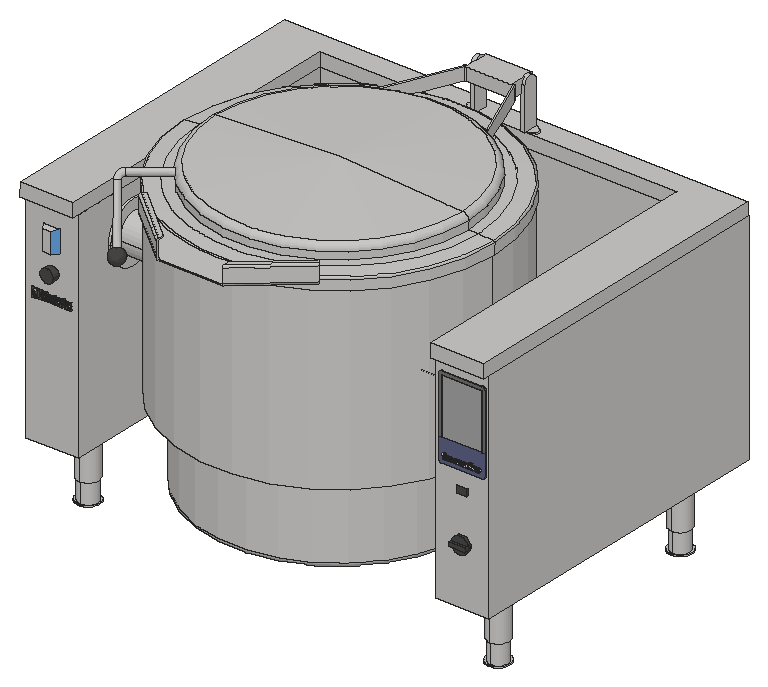
Revit family "QF_ELECTROLUXPROFESSIONAL_587106_PBOT20EDIO", category Attrezzature speciali, Revit 2020 (continued)
Definition of nested family "QF_ELECTROLUXPROFESSIONAL_PBOT1000_LEFT"
  Automatic sketch dimensions
    Extrusion 5 sketch curve to Extrusion 5 sketch curve = 2.918 mm
    Extrusion 5 sketch curve to Extrusion 5 sketch curve = 2.789 mm
    Extrusion 5 sketch curve to plane 9 "TOP" = 306.37 mm  (x2)
    Extrusion 5 sketch curve to Extrusion 5 sketch curve = 0.908 mm  (x2)
    Extrusion 5 sketch curve to plane 9 "TOP" = 306.755 mm  (x2)
    Extrusion 5 sketch curve to Extrusion 5 sketch curve = 0.826 mm  (x2)
    Extrusion 5 sketch curve to Extrusion 5 sketch curve = 0.126 mm  (x3)
    Extrusion 5 sketch curve to Extrusion 5 sketch curve = 2.333 mm
    Extrusion 5 sketch curve to Extrusion 5 sketch curve = 1.257 mm  (x2)
    Extrusion 5 sketch curve to Extrusion 5 sketch curve = 2.771 mm
    Extrusion 5 sketch curve to Extrusion 5 sketch curve = 1.497 mm
    Extrusion 5 sketch curve to Extrusion 5 sketch curve = 1.979 mm
    Extrusion 5 sketch curve to Extrusion 5 sketch curve = 1.653 mm
    Extrusion 5 sketch curve to Extrusion 5 sketch curve = 0.085 mm
    Extrusion 5 sketch curve to Extrusion 5 sketch curve = 0.315 mm
    Extrusion 5 sketch curve to Extrusion 5 sketch curve = 3.811 mm
    Extrusion 5 sketch curve to Extrusion 5 sketch curve = 2.136 mm  (x2)
    Extrusion 5 sketch curve to Extrusion 5 sketch curve = 2.352 mm  (x2)
    Extrusion 5 sketch curve to plane 9 "TOP" = 289.122 mm
    Extrusion 5 sketch curve to Extrusion 5 sketch curve = 3.797 mm
    Extrusion 5 sketch curve to plane 9 "TOP" = 296.104 mm
    Extrusion 5 sketch curve to Extrusion 5 sketch curve = 1.528 mm
    Extrusion 5 sketch curve to plane 9 "TOP" = 290.598 mm
    Extrusion 5 sketch curve to Extrusion 5 sketch curve = 1.476 mm
    Extrusion 5 sketch curve to plane 9 "TOP" = 294.635 mm
    Extrusion 5 sketch curve to Extrusion 5 sketch curve = 1.469 mm
    Extrusion 5 sketch curve to Extrusion 5 sketch curve = 3.728 mm
    Extrusion 5 sketch curve to Extrusion 5 sketch curve = 0.046 mm
    Extrusion 5 sketch curve to Extrusion 5 sketch curve = 0.177 mm
    Extrusion 5 sketch curve to Extrusion 5 sketch curve = 0.947 mm
    Extrusion 5 sketch curve to Extrusion 5 sketch curve = 0.308 mm
    Extrusion 5 sketch curve to Extrusion 5 sketch curve = 0.091 mm
    Extrusion 5 sketch curve to Extrusion 5 sketch curve = 2.375 mm
    Extrusion 5 sketch curve to Extrusion 5 sketch curve = 0.94 mm
    Extrusion 5 sketch curve to Extrusion 5 sketch curve = 0.54 mm
    Extrusion 5 sketch curve to Extrusion 5 sketch curve = 0.102 mm
    Extrusion 5 sketch curve to Extrusion 5 sketch curve = 0.002 mm  (x4)
    Extrusion 5 sketch curve to Extrusion 5 sketch curve = 0.105 mm
    Extrusion 5 sketch curve to Extrusion 5 sketch curve = 0.097 mm
    Extrusion 5 sketch curve to Extrusion 5 sketch curve = 3.982 mm
    Extrusion 5 sketch curve to Extrusion 5 sketch curve = 0.17 mm
    Extrusion 5 sketch curve to Extrusion 5 sketch curve = 6.49 mm
    Extrusion 5 sketch curve to Extrusion 5 sketch curve = 1.777 mm
    Extrusion 5 sketch curve to plane 9 "TOP" = 296.072 mm
    Extrusion 5 sketch curve to Extrusion 5 sketch curve = 0.63 mm
    Extrusion 5 sketch curve to Extrusion 5 sketch curve = 1.001 mm
    Extrusion 5 sketch curve to plane 9 "TOP" = 294.678 mm
    Extrusion 5 sketch curve to Extrusion 5 sketch curve = 1.393 mm
    Extrusion 5 sketch curve to Extrusion 5 sketch curve = 2.363 mm
    Extrusion 5 sketch curve to Extrusion 5 sketch curve = 2.253 mm
    Extrusion 5 sketch curve to Extrusion 5 sketch curve = 0.014 mm  (x4)
    Extrusion 5 sketch curve to Extrusion 5 sketch curve = 0.172 mm
    Extrusion 5 sketch curve to Extrusion 5 sketch curve = 0.096 mm
    Extrusion 5 sketch curve to Extrusion 5 sketch curve = 0.164 mm
    Extrusion 5 sketch curve to Extrusion 5 sketch curve = 0.298 mm
    Extrusion 5 sketch curve to Extrusion 5 sketch curve = 0.247 mm
    Extrusion 5 sketch curve to Extrusion 5 sketch curve = 0.084 mm
    Extrusion 5 sketch curve to Extrusion 5 sketch curve = 6.484 mm
    Extrusion 5 sketch curve to Extrusion 5 sketch curve = 2.596 mm
    Extrusion 5 sketch curve to Extrusion 5 sketch curve = 0.059 mm  (x2)
    Extrusion 5 sketch curve to Extrusion 5 sketch curve = 3.889 mm
    Extrusion 5 sketch curve to plane 9 "TOP" = 307.979 mm
    Extrusion 5 sketch curve to Extrusion 5 sketch curve = 6.029 mm
    Extrusion 5 sketch curve to plane 9 "TOP" = 305.988 mm
    Extrusion 5 sketch curve to Extrusion 5 sketch curve = 0.929 mm
    Extrusion 5 sketch curve to Extrusion 5 sketch curve = 1.102 mm
    Extrusion 5 sketch curve to Extrusion 5 sketch curve = 0.756 mm  (x2)
    Extrusion 5 sketch curve to plane 9 "TOP" = 306.353 mm
    Extrusion 5 sketch curve to Extrusion 5 sketch curve = 0.852 mm
    Extrusion 5 sketch curve to Extrusion 5 sketch curve = 0.108 mm
    Extrusion 5 sketch curve to Extrusion 5 sketch curve = 0.101 mm
    Extrusion 5 sketch curve to Extrusion 5 sketch curve = 0.072 mm
    Extrusion 5 sketch curve to Extrusion 5 sketch curve = 1.67 mm
    Extrusion 5 sketch curve to Extrusion 5 sketch curve = 1.834 mm
    Extrusion 5 sketch curve to Extrusion 5 sketch curve = 0.366 mm
    Extrusion 5 sketch curve to Extrusion 5 sketch curve = 0.993 mm
    Extrusion 5 sketch curve to Extrusion 5 sketch curve = 0.81 mm
    Extrusion 5 sketch curve to Extrusion 5 sketch curve = 1.026 mm  (x2)
    Extrusion 5 sketch curve to Extrusion 5 sketch curve = 4.272 mm
    Extrusion 5 sketch curve to Extrusion 5 sketch curve = 0.163 mm
    Extrusion 5 sketch curve to Extrusion 5 sketch curve = 0.551 mm
    Extrusion 5 sketch curve to Extrusion 5 sketch curve = 6.11 mm
    Extrusion 5 sketch curve to Extrusion 5 sketch curve = 1.451 mm
    Extrusion 5 sketch curve to Extrusion 5 sketch curve = 5.217 mm
    Extrusion 5 sketch curve to Extrusion 5 sketch curve = 0.045 mm  (x2)
    Extrusion 5 sketch curve to Extrusion 5 sketch curve = 0.241 mm
    Extrusion 5 sketch curve to Extrusion 5 sketch curve = 0.039 mm
    Extrusion 5 sketch curve to Extrusion 5 sketch curve = 1.134 mm
    Extrusion 5 sketch curve to Extrusion 5 sketch curve = 2.351 mm
    Extrusion 5 sketch curve to Extrusion 5 sketch curve = 3.993 mm
    Extrusion 5 sketch curve to Extrusion 5 sketch curve = 10.128 mm
    Extrusion 5 sketch curve to Extrusion 5 sketch curve = 0.956 mm
    Extrusion 5 sketch curve to Extrusion 5 sketch curve = 1.263 mm
    Extrusion 5 sketch curve to Extrusion 5 sketch curve = 2.577 mm
    Extrusion 5 sketch curve to Extrusion 5 sketch curve = 0.243 mm
    Extrusion 5 sketch curve to Extrusion 5 sketch curve = 0.031 mm
    Extrusion 5 sketch curve to Extrusion 5 sketch curve = 7.148 mm
    Extrusion 5 sketch curve to Extrusion 5 sketch curve = 1.502 mm
    Extrusion 5 sketch curve to Extrusion 5 sketch curve = 11.54 mm
    Extrusion 5 sketch curve to Extrusion 5 sketch curve = 11.758 mm
    Extrusion 5 sketch curve to Extrusion 5 sketch curve = 4.097 mm
    Extrusion 5 sketch curve to Extrusion 5 sketch curve = 0.011 mm
    Extrusion 5 sketch curve to Extrusion 5 sketch curve = 4.488 mm
    Extrusion 5 sketch curve to Extrusion 5 sketch curve = 11.908 mm
    Extrusion 5 sketch curve to Extrusion 5 sketch curve = 2.236 mm
    Extrusion 5 sketch curve to Extrusion 5 sketch curve = 0.22 mm
    Extrusion 5 sketch curve to Extrusion 5 sketch curve = 0.319 mm
    Extrusion 5 sketch curve to Extrusion 5 sketch curve = 1.192 mm
    Extrusion 5 sketch curve to Extrusion 5 sketch curve = 3.577 mm  (x2)
    Extrusion 5 sketch curve to Extrusion 5 sketch curve = 3.444 mm  (x2)
    Extrusion 5 sketch curve to Extrusion 5 sketch curve = 1.626 mm  (x2)
    Extrusion 5 sketch curve to Extrusion 5 sketch curve = 2.021 mm
    Extrusion 5 sketch curve to Extrusion 5 sketch curve = 2.967 mm
    Extrusion 5 sketch curve to Extrusion 5 sketch curve = 1.22 mm
    Extrusion 5 sketch curve to Extrusion 5 sketch curve = 3.412 mm
    Extrusion 5 sketch curve to Extrusion 5 sketch curve = 0.892 mm  (x3)
    Extrusion 5 sketch curve to Extrusion 5 sketch curve = 0.58 mm  (x2)
    Extrusion 5 sketch curve to Extrusion 5 sketch curve = 2.117 mm
    Extrusion 5 sketch curve to Extrusion 5 sketch curve = 0.295 mm  (x2)
    Extrusion 5 sketch curve to Extrusion 5 sketch curve = 0.618 mm
    Extrusion 5 sketch curve to Extrusion 5 sketch curve = 1.65 mm
    Extrusion 5 sketch curve to Extrusion 5 sketch curve = 1.662 mm
    Extrusion 5 sketch curve to Extrusion 5 sketch curve = 0.013 mm  (x2)
    Extrusion 5 sketch curve to Extrusion 5 sketch curve = 0.292 mm
    Extrusion 5 sketch curve to Extrusion 5 sketch curve = 0.107 mm  (x2)
    Extrusion 5 sketch curve to Extrusion 5 sketch curve = 0.068 mm  (x2)
    Extrusion 5 sketch curve to Extrusion 5 sketch curve = 2.361 mm
    Extrusion 5 sketch curve to Extrusion 5 sketch curve = 2.359 mm
    Extrusion 5 sketch curve to Extrusion 5 sketch curve = 0.531 mm  (x2)
    Extrusion 5 sketch curve to Extrusion 5 sketch curve = 0.928 mm  (x2)
    Extrusion 5 sketch curve to Extrusion 5 sketch curve = 1.058 mm
    Extrusion 5 sketch curve to Extrusion 5 sketch curve = 0.297 mm  (x2)
    Extrusion 5 sketch curve to Extrusion 5 sketch curve = 0.155 mm  (x2)
    Extrusion 5 sketch curve to Extrusion 5 sketch curve = 0.182 mm  (x2)
    Extrusion 5 sketch curve to Extrusion 5 sketch curve = 0.607 mm  (x2)
    Extrusion 5 sketch curve to Extrusion 5 sketch curve = 0.372 mm  (x2)
    Extrusion 5 sketch curve to Extrusion 5 sketch curve = 0.016 mm  (x2)
    Extrusion 5 sketch curve to Extrusion 5 sketch curve = 0.996 mm
    Extrusion 5 sketch curve to Extrusion 5 sketch curve = 0.93 mm
    Extrusion 5 sketch curve to Extrusion 5 sketch curve = 0.709 mm  (x2)
    Extrusion 5 sketch curve to Extrusion 5 sketch curve = 1.017 mm
    Extrusion 5 sketch curve to Extrusion 5 sketch curve = 4.718 mm
    Extrusion 5 sketch curve to Extrusion 5 sketch curve = 0.891 mm
    Extrusion 5 sketch curve to Extrusion 5 sketch curve = 3.826 mm
    Extrusion 5 sketch curve to Extrusion 5 sketch curve = 0.954 mm
    Extrusion 5 sketch curve to Extrusion 5 sketch curve = 5.576 mm
    Extrusion 5 sketch curve to Extrusion 5 sketch curve = 5.661 mm  (x2)
    Extrusion 5 sketch curve to Extrusion 5 sketch curve = 0.006 mm
    Extrusion 5 sketch curve to Extrusion 5 sketch curve = 2.203 mm
    Extrusion 5 sketch curve to Extrusion 5 sketch curve = 2.21 mm
    Extrusion 5 sketch curve to Extrusion 5 sketch curve = 1.607 mm
    Extrusion 5 sketch curve to Extrusion 5 sketch curve = 3.92 mm
    Extrusion 5 sketch curve to Extrusion 5 sketch curve = 0.05 mm
    Extrusion 5 sketch curve to Extrusion 5 sketch curve = 1.776 mm
    Extrusion 5 sketch curve to Extrusion 5 sketch curve = 4.017 mm
    Extrusion 5 sketch curve to Extrusion 5 sketch curve = 0.196 mm  (x2)
    Extrusion 5 sketch curve to Extrusion 5 sketch curve = 0.19 mm
    Extrusion 5 sketch curve to Extrusion 5 sketch curve = 1.312 mm
    Extrusion 5 sketch curve to Extrusion 5 sketch curve = 0.146 mm
    Extrusion 5 sketch curve to Extrusion 5 sketch curve = 2.831 mm
    Extrusion 5 sketch curve to Extrusion 5 sketch curve = 0.387 mm
    Extrusion 5 sketch curve to Extrusion 5 sketch curve = 0.174 mm
    Extrusion 5 sketch curve to Extrusion 5 sketch curve = 4.623 mm
    Extrusion 5 sketch curve to Extrusion 5 sketch curve = 1.754 mm
    Extrusion 5 sketch curve to Extrusion 5 sketch curve = 0.188 mm
    Extrusion 5 sketch curve to Extrusion 5 sketch curve = 0.02 mm
    Extrusion 5 sketch curve to Extrusion 5 sketch curve = 0.313 mm
    Extrusion 5 sketch curve to Extrusion 5 sketch curve = 0.12 mm
    Extrusion 5 sketch curve to Extrusion 5 sketch curve = 0.062 mm
    Extrusion 5 sketch curve to Extrusion 5 sketch curve = 0.568 mm
    Extrusion 5 sketch curve to Extrusion 5 sketch curve = 0.095 mm
    Extrusion 5 sketch curve to Extrusion 5 sketch curve = 0.357 mm
    Extrusion 5 sketch curve to Extrusion 5 sketch curve = 0.008 mm
    Extrusion 5 sketch curve to Extrusion 5 sketch curve = 0.36 mm
    Extrusion 5 sketch curve to Extrusion 5 sketch curve = 3.784 mm
    Extrusion 5 sketch curve to Extrusion 5 sketch curve = 1.654 mm
    Extrusion 5 sketch curve to Extrusion 5 sketch curve = 1.454 mm
    Extrusion 5 sketch curve to Extrusion 5 sketch curve = 3.429 mm
    Extrusion 5 sketch curve to Extrusion 5 sketch curve = 1.094 mm
    Extrusion 5 sketch curve to Extrusion 5 sketch curve = 2.218 mm
    Extrusion 5 sketch curve to Extrusion 5 sketch curve = 1.404 mm
    Extrusion 5 sketch curve to Extrusion 5 sketch curve = 5.959 mm
    Extrusion 5 sketch curve to Extrusion 5 sketch curve = 1.424 mm
    Extrusion 5 sketch curve to Extrusion 5 sketch curve = 3.23 mm
    Extrusion 5 sketch curve to Extrusion 5 sketch curve = 1.975 mm
    Extrusion 5 sketch curve to Extrusion 5 sketch curve = 3.779 mm
    Extrusion 5 sketch curve to Extrusion 5 sketch curve = 2.212 mm
    Extrusion 5 sketch curve to Extrusion 5 sketch curve = 3.78 mm
    Extrusion 5 sketch curve to Extrusion 5 sketch curve = 1.279 mm
    Extrusion 5 sketch curve to Extrusion 5 sketch curve = 1.343 mm  (x2)
    Extrusion 5 sketch curve to Extrusion 5 sketch curve = 1.353 mm  (x2)
    Extrusion 5 sketch curve to Extrusion 5 sketch curve = 0.027 mm  (x2)
    Extrusion 5 sketch curve to Extrusion 5 sketch curve = 0.395 mm  (x2)
    Extrusion 5 sketch curve to Extrusion 5 sketch curve = 0.329 mm  (x2)
    Extrusion 5 sketch curve to Extrusion 5 sketch curve = 0.425 mm  (x2)
    Extrusion 5 sketch curve to Extrusion 5 sketch curve = 0.051 mm  (x2)
    Extrusion 5 sketch curve to Extrusion 5 sketch curve = 0.495 mm  (x2)
    Extrusion 5 sketch curve to Extrusion 5 sketch curve = 0.267 mm  (x2)
    Extrusion 5 sketch curve to Extrusion 5 sketch curve = 1.4 mm
    Extrusion 5 sketch curve to Extrusion 5 sketch curve = 5.233 mm
    Extrusion 5 sketch curve to Extrusion 5 sketch curve = 2.062 mm
    Extrusion 6 sketch curve to plane 12 "HW_CW" = 0.0 mm  (x2)
    Extrusion 6 sketch curve to plane 14 = 0.0 mm
    Extrusion 6 sketch curve to plane 13 = 0.0 mm
    radius of Extrusion 2 sketch curve = 20.0 mm
    radius of Extrusion 3 sketch curve = 6.35 mm  (x2)
    radius of Extrusion 5 sketch curve = 2.453 mm
    radius of Extrusion 5 sketch curve = 1.557 mm
    radius of Extrusion 5 sketch curve = 1.468 mm
    radius of Extrusion 5 sketch curve = 2.451 mm
    radius of Extrusion 6 sketch curve = 5.0 mm  (x2)
Definition of nested family "QF_ELECTROLUXPROFESSIONAL_PBOT1000_RIGHT"
  Parameters
    Width = 160.0 mm
    Right = Width / 2  # 80.0 mm
    Default Elevation = 0.0 mm
    Left = -Width / 2  # -80.0 mm
    Htop = 40.0 mm
    Height = 900.0 mm
    HBase = 200.0 mm
    EI_z = 250.0 mm
    EI_y = 239.0 mm
    Depth = 1000.0 mm
    BorderFront = 20.0 mm
    Body Finish [instance] = none
  Reference planes
    plane 1 "Center (Front/Back)": y = 0
    plane 2: z = 0
    plane 3 "Center (Left/Right)": x = 0
    plane 4 "LEFT": x = -80
    plane 5 "RIGHT": x = 80
    plane 6 "BACK": y = 500
    plane 7 "FRONT": y = -500
    plane 8 "Base": z = 200
    plane 9 "TOP": z = 900
    plane 10 "BorderFront": y = -480
    plane 11: z = 860
    plane 12 "EI": z = 450
    plane 13: y = 261
  Forms (mm)
    Extrusion 1, solid
      sketch origin (0, 0, 0) x (1, 0, 0) y (0, 1, 0)
        loop
          line (-80, 500) -> (-80, -480) -> (80, -480) -> (80, 500) -> (-80, 500)
      from 860 to 200
    Extrusion 2, solid
      sketch origin (0, -480, 0) x (-1, 0, 0) y (0, 0, 1)
        loop
          line (59.714, 823.989) -> (-61.821, 823.989)
          arc (-61.821, 823.989) -> (-68.892, 821.06) -> (-71.821, 813.989) r 10
          line (-71.821, 813.989) -> (-71.821, 644.744) -> (-61.821, 644.744) -> (-61.821, 813.989) -> (59.714, 813.989) -> (59.714, 644.744) -> (69.714, 644.744) -> (69.714, 813.989)
          arc (69.714, 813.989) -> (66.786, 821.06) -> (59.714, 823.989) r 10
      from 0 to -3
    Extrusion 3, solid
      sketch origin (0, -480, 0) x (-1, 0, 0) y (0, 0, 1)
        loop
          circle (0, 375.28) r 25
      from 0 to -10
    Extrusion 4, solid
      sketch origin (0, -480, 0) x (-1, 0, 0) y (0, 0, 1)
        loop
          line (24.382, 380.806) -> (-24.382, 380.806)
          arc (-24.382, 380.806) -> (-25, 375.28) -> (-24.382, 369.753) r 25
          line (-24.382, 369.753) -> (24.382, 369.753)
          arc (24.382, 369.753) -> (25, 375.28) -> (24.382, 380.806) r 25
      from 0 to -20
    Extrusion 5, solid
      sketch origin (0, -480, 0) x (-1, 0, 0) y (0, 0, 1)
        loop
          line (69.714, 585) -> (69.714, 644.744) -> (-71.821, 644.744) -> (-71.821, 585)
          arc (-71.821, 585) -> (-68.892, 577.929) -> (-61.821, 575) r 10
          line (-61.821, 575) -> (59.714, 575)
          arc (59.714, 575) -> (66.786, 577.929) -> (69.714, 585) r 10
      from -3 to 0
    Extrusion 6, solid
      sketch origin (234.714, -480, 0) x (-1, 0, 0) y (0, 0, 1)
        loop
          line (294.429, 813.989) -> (172.894, 813.989) -> (172.894, 644.744) -> (294.429, 644.744) -> (294.429, 813.989)
      from 0 to -3
    Extrusion 7, solid
      sketch origin (0, -480, 0) x (-1, 0, 0) y (0, 0, 1)
        loop
          line (15, 530) -> (-15, 530) -> (-15, 510) -> (15, 510) -> (15, 530)
      from -1.6 to 0
    Extrusion 8, solid
      sketch origin (0, 500, 0) x (-1, 0, 0) y (0, 0, 1)
        loop
          circle (0, 450) r 5
      from 0 to 2
    Extrusion 9, solid
      sketch origin (0, 0, 200) x (0, 1, 0) y (-1, 0, 0)
        loop
          circle (261, 0) r 10
      from 0 to -3
  Lines and regions (mm)
    symbolic lines
      curve 1: line (-80, 500, 0) -> (80, 500, 0)
      curve 2: line (80, 500, 0) -> (80, -480, 0)
  Dimensions and locks
    "Width": plane 4 "LEFT" to plane 5 "RIGHT"
    equal spacing: plane 4 "LEFT", plane 3 "Center (Left/Right)", plane 5 "RIGHT"
    equal spacing: plane 6 "BACK", plane 1 "Center (Front/Back)", plane 7 "FRONT"
    "Depth": plane 6 "BACK" to plane 7 "FRONT"
    "BorderFront": plane 10 "BorderFront" to plane 7 "FRONT"
    "Htop": plane 9 "TOP" to plane 11
    "Height": plane 9 "TOP" to level
    "HBase": plane 8 "Base" to level
    Extrusion 4 sketch curve to Extrusion 4 sketch curve = 11.053 mm
    "EI_y": plane 6 "BACK" to plane 13
    "EI_z": plane 12 "EI" to plane 8 "Base"
    aligned and locked: level to plane 2
    aligned and locked: plane 10 "BorderFront" to Extrusion 1 sketch curve
    aligned and locked: plane 11 to Extrusion 1
    aligned and locked: Extrusion 1 to plane 8 "Base"
    aligned and locked: plane 4 "LEFT" to Extrusion 1 sketch curve
    aligned and locked: Extrusion 1 sketch curve to plane 5 "RIGHT"
    aligned and locked: Extrusion 1 sketch curve to plane 6 "BACK"
  Automatic sketch dimensions
    Extrusion 3 sketch curve to plane 3 "Center (Left/Right)" = 0.0 mm
    plane 8 "Base" to Extrusion 3 sketch curve = 175.28 mm
    Extrusion 4 sketch curve to Extrusion 4 sketch curve = 0.0 mm  (x3)
    Extrusion 4 sketch curve to plane 3 "Center (Left/Right)" = 0.0 mm
    plane 3 "Center (Left/Right)" to Extrusion 4 sketch curve = 24.382 mm
    Extrusion 4 sketch curve to plane 3 "Center (Left/Right)" = 24.382 mm
    plane 8 "Base" to Extrusion 4 sketch curve = 169.753 mm
    Extrusion 2 sketch curve to plane 5 "RIGHT" = 8.179 mm
    Extrusion 2 sketch curve to Extrusion 2 sketch curve = 10.0 mm  (x2)
    Extrusion 2 sketch curve to Extrusion 2 sketch curve = 0.0 mm  (x4)
    plane 4 "LEFT" to Extrusion 2 sketch curve = 20.286 mm
    Extrusion 2 sketch curve to plane 11 = 215.256 mm
    Extrusion 2 sketch curve to plane 11 = 46.011 mm
    Extrusion 5 sketch curve to plane 5 "RIGHT" = 8.179 mm
    plane 4 "LEFT" to Extrusion 5 sketch curve = 20.286 mm
    plane 4 "LEFT" to Extrusion 5 sketch curve = 10.286 mm
    Extrusion 5 sketch curve to plane 11 = 285.0 mm
    Extrusion 5 sketch curve to Extrusion 5 sketch curve = 59.744 mm
    Extrusion 5 sketch curve to Extrusion 5 sketch curve = 10.0 mm
    plane 4 "LEFT" to Extrusion 6 sketch curve = 20.286 mm
    Extrusion 6 sketch curve to plane 11 = 46.011 mm
    Extrusion 6 sketch curve to plane 5 "RIGHT" = 18.179 mm
    Extrusion 6 sketch curve to Extrusion 6 sketch curve = 169.244 mm
    Extrusion 8 sketch curve to plane 3 "Center (Left/Right)" = 0.0 mm
    Extrusion 8 sketch curve to plane 12 "EI" = 0.0 mm
    curve 1 to plane 4 "LEFT" = 0.0 mm
    curve 1 to plane 5 "RIGHT" = 0.0 mm
    curve 2 to plane 10 "BorderFront" = 0.0 mm
    curve 1 to plane 6 "BACK" = 0.0 mm
    plane 3 "Center (Left/Right)" to Extrusion 7 sketch curve = 15.0 mm
    Extrusion 7 sketch curve to plane 3 "Center (Left/Right)" = 15.0 mm
    plane 12 "EI" to Extrusion 7 sketch curve = 60.0 mm
    Extrusion 7 sketch curve to Extrusion 7 sketch curve = 20.0 mm
    Extrusion 9 sketch curve to plane 3 "Center (Left/Right)" = 0.0 mm
    Extrusion 9 sketch curve to plane 13 = 0.0 mm
    radius of Extrusion 3 sketch curve = 25.0 mm
    radius of Extrusion 8 sketch curve = 5.0 mm
    radius of Extrusion 9 sketch curve = 10.0 mm
  Nested families
    nested 1: "ELX_ThermaLine" at (-0.906, -483, 593.675) x (1, 0, 0) z (0, -1, 0), type "ELX_ThermaLine"
      with Show Logo yes, Material_Logo none
  Definition of nested family "ELX_ThermaLine"
    Parameters
      Show Logo [instance] = yes
      Material_Logo [instance] = none
      Default Elevation = 0.0 mm
    Reference planes
      plane 1 "Centro (Fronte/Retro)": y = 0
      plane 2: z = 0
      plane 3 "Centro (Sinistra/Destra)": x = 0
    Forms (mm)
      Extrusion 1, solid
        sketch origin (0, 0, 0) x (1, 0, 0) y (0, 1, 0)
          loop
            line (-1219.2, 1219.2) -> (-1219.2, -1219.2) -> (1219.2, -1219.2) -> (1219.2, 1219.2) -> (-1219.2, 1219.2)
        from 0 to -304.8
      Extrusion 2, solid
        sketch origin (0, 0, 0) x (1, 0, 0) y (0, 1, 0)
          loop
            line (-52.84, 4.345) -> (-50.793, 4.345) -> (-50.793, 6.716) -> (-52.84, 6.716) -> (-52.84, 10.788) -> (-55.901, 9.058) -> (-55.901, 6.716) -> (-57.324, 6.716) -> (-57.324, 4.345) -> (-55.901, 4.345) -> (-55.901, -1.637)
            arc (-55.901, -1.637) -> (-54.76, -4.355) -> (-51.88, -4.985) r 3.198
            line (-51.88, -4.985) -> (-50.444, -4.597) -> (-50.782, -2.189) -> (-51.765, -2.453)
            arc (-51.765, -2.453) -> (-52.506, -2.305) -> (-52.84, -1.628) r 0.854
            line (-52.84, -1.628) -> (-52.84, 4.345)
          loop
            line (-48.642, 11.198) -> (-48.642, -4.787) -> (-45.561, -4.787) -> (-45.561, 2.659)
            arc (-45.561, 2.659) -> (-44.379, 4.372) -> (-42.304, 4.523) r 2.408
            arc (-42.304, 4.523) -> (-41.484, 3.75) -> (-41.182, 2.665) r 2.099
            line (-41.182, 2.665) -> (-41.182, -4.787) -> (-38.117, -4.787) -> (-38.088, 2.166)
            arc (-38.088, 2.166) -> (-38.343, 3.963) -> (-39.021, 5.646) r 7.517
            arc (-39.021, 5.646) -> (-42.369, 6.971) -> (-45.561, 5.303) r 4.327
            line (-45.561, 5.303) -> (-45.561, 11.198) -> (-48.642, 11.198)
          loop
            arc (-28.196, 1.988) -> (-28.834, 3.893) -> (-30.683, 4.679) r 2.449
            arc (-30.683, 4.679) -> (-32.149, 3.674) -> (-32.711, 1.988) r 2.793
            line (-32.711, 1.988) -> (-28.196, 1.988)
          loop
            arc (-25.128, 0.121) -> (-26.074, 4.342) -> (-29.545, 6.923) r 6.212
            arc (-29.545, 6.923) -> (-33.021, 6.358) -> (-35.352, 3.718) r 5.232
            arc (-35.352, 3.718) -> (-35.918, 1.148) -> (-35.633, -1.468) r 8.117
            arc (-35.633, -1.468) -> (-34.524, -3.319) -> (-32.789, -4.603) r 5.523
            arc (-32.789, -4.603) -> (-28.402, -4.744) -> (-25.297, -1.641) r 5.523
            line (-25.297, -1.641) -> (-28.327, -1.106)
            arc (-28.327, -1.106) -> (-29.324, -2.396) -> (-30.951, -2.501) r 1.982
            arc (-30.951, -2.501) -> (-32.276, -1.475) -> (-32.789, 0.121) r 2.835
            line (-32.789, 0.121) -> (-25.128, 0.121)
          loop
            line (-22.733, -4.787) -> (-19.705, -4.787) -> (-19.705, 0)
            arc (-19.705, 0) -> (-19.663, 1.267) -> (-19.469, 2.521) r 10.557
            arc (-19.469, 2.521) -> (-18.189, 4.014) -> (-16.237, 3.761) r 2.069
            line (-16.237, 3.761) -> (-15.318, 6.433)
            arc (-15.318, 6.433) -> (-17.915, 6.783) -> (-19.931, 5.11) r 3.262
            line (-19.931, 5.11) -> (-19.931, 6.752) -> (-22.733, 6.752) -> (-22.733, -4.787)
          loop
            line (-14.233, 6.752) -> (-14.233, -4.787) -> (-11.135, -4.787) -> (-11.135, 1.783)
            arc (-11.135, 1.783) -> (-10.552, 3.635) -> (-8.862, 4.59) r 2.646
            arc (-8.862, 4.59) -> (-7.677, 3.931) -> (-7.234, 2.65) r 1.899
            line (-7.234, 2.65) -> (-7.234, -4.787) -> (-4.155, -4.787) -> (-4.155, 1.467)
            arc (-4.155, 1.467) -> (-3.845, 2.923) -> (-2.97, 4.128) r 3.581
            arc (-2.97, 4.128) -> (-1.581, 4.474) -> (-0.516, 3.516) r 1.525
            arc (-0.516, 3.516) -> (-0.324, 2.735) -> (-0.304, 1.931) r 3.735
            line (-0.304, 1.931) -> (-0.304, -4.787) -> (2.776, -4.787) -> (2.776, 3.096)
            arc (2.776, 3.096) -> (1.833, 5.68) -> (-0.612, 6.942) r 3.784
            arc (-0.612, 6.942) -> (-2.795, 6.596) -> (-4.513, 5.205) r 4.271
            arc (-4.513, 5.205) -> (-5.893, 6.457) -> (-7.686, 6.964) r 4.079
            arc (-7.686, 6.964) -> (-9.75, 6.555) -> (-11.39, 5.237) r 4.412
            line (-11.39, 5.237) -> (-11.39, 6.752) -> (-14.233, 6.752)
          loop
            line (5.334, 3.712) -> (8.069, 3.23)
            arc (8.069, 3.23) -> (10.312, 4.685) -> (12.137, 2.73) r 2.082
            line (12.137, 2.73) -> (8.171, 1.741)
            arc (8.171, 1.741) -> (6.593, 1.022) -> (5.378, -0.215) r 4.758
            arc (5.378, -0.215) -> (5.225, -1.991) -> (5.744, -3.697) r 4.711
            arc (5.744, -3.697) -> (7.301, -4.682) -> (9.118, -4.992) r 4.691
            arc (9.118, -4.992) -> (10.903, -4.593) -> (12.411, -3.558) r 4.818
            line (12.411, -3.558) -> (12.81, -4.787) -> (15.873, -4.787) -> (15.179, -2.652) -> (15.179, 3.25)
            arc (15.179, 3.25) -> (14.773, 5.146) -> (13.38, 6.496) r 3.336
            arc (13.38, 6.496) -> (10.765, 7.201) -> (8.091, 6.773) r 6.459
            arc (8.091, 6.773) -> (6.348, 5.57) -> (5.334, 3.712) r 4.569
          loop
            line (21.001, -4.787) -> (24.24, -4.787) -> (27.623, 11.127) -> (24.384, 11.127) -> (21.001, -4.787)
          loop
            line (27.273, -4.787) -> (30.332, -4.787) -> (32.777, 6.716) -> (29.718, 6.716) -> (27.273, -4.787)
          loop
            line (30.656, 11.127) -> (30.058, 8.314) -> (33.117, 8.314) -> (33.715, 11.127) -> (30.656, 11.127)
          loop
            line (33.431, -4.787) -> (36.649, -4.787) -> (38.261, 2.796)
            arc (38.261, 2.796) -> (39.644, 4.445) -> (41.791, 4.594) r 2.751
            arc (41.791, 4.594) -> (42.425, 3.729) -> (42.502, 2.659) r 1.936
            line (42.502, 2.659) -> (40.919, -4.787) -> (43.989, -4.787) -> (45.795, 3.712)
            arc (45.795, 3.712) -> (45.588, 5.458) -> (44.361, 6.716) r 2.734
            arc (44.361, 6.716) -> (41.222, 6.857) -> (38.516, 5.259) r 5.512
            line (38.516, 5.259) -> (38.826, 6.716) -> (35.876, 6.716) -> (33.431, -4.787)
          loop
            line (50.773, 1.934) -> (55.672, 1.934)
            arc (55.672, 1.934) -> (55.737, 2.919) -> (55.334, 3.821) r 2.051
            arc (55.334, 3.821) -> (53.773, 4.722) -> (52.024, 4.287) r 2.407
            arc (52.024, 4.287) -> (51.223, 3.203) -> (50.773, 1.934) r 4.566
          loop
            line (50.479, 0) -> (58.259, 0)
            arc (58.259, 0) -> (58.241, 3.53) -> (56.181, 6.396) r 5.8
            arc (56.181, 6.396) -> (52.577, 6.992) -> (49.395, 5.199) r 5.498
            arc (49.395, 5.199) -> (47.819, 2.372) -> (47.536, -0.853) r 7.747
            arc (47.536, -0.853) -> (48.406, -3.006) -> (50.236, -4.437) r 4.494
            arc (50.236, -4.437) -> (52.672, -4.934) -> (55.109, -4.437) r 6.224
            arc (55.109, -4.437) -> (56.76, -3.346) -> (57.916, -1.739) r 5.478
            line (57.916, -1.739) -> (55.129, -1.247)
            arc (55.129, -1.247) -> (53.897, -2.495) -> (52.149, -2.637) r 2.52
            arc (52.149, -2.637) -> (50.809, -1.638) -> (50.479, 0) r 2.336
          loop
            line (12.154, 0.755) -> (8.732, -0.098)
            arc (8.732, -0.098) -> (8.126, -1.288) -> (8.732, -2.478) r 1.471
            arc (8.732, -2.478) -> (10.437, -2.725) -> (11.827, -1.706) r 2.276
            arc (11.827, -1.706) -> (12.142, -0.496) -> (12.154, 0.755) r 5.123
        from 0 to 1.6
    Dimensions and locks
      aligned and locked: plane 2 to Extrusion 1
      aligned and locked: level to Extrusion 1
Definition of nested family "QF_ELECTROLUXPROFESSIONAL_2FEET_THL_120x1000H200"
  Parameters
    Width = 120.0 mm
    Right = Width / 2  # 60.0 mm
    Default Elevation = 0.0 mm
    Left = -Width / 2  # -60.0 mm
    Height = 200.0 mm
    HBase = Height - 15.0 mm  # 185.0 mm
    Depth = 980.0 mm
  Reference planes
    plane 1 "Center (Front/Back)": y = 0
    plane 2: z = 0
    plane 3 "Center (Left/Right)": x = 0
    plane 4 "LEFT": x = -60
    plane 5 "RIGHT": x = 60
    plane 6 "BACK": y = 490
    plane 7 "FRONT": y = -490
    plane 8 "Base": z = 185
    plane 9 "TOP": z = 200
    plane 10: y = 333
    plane 11: y = -354
    plane 12: y = 416
    plane 13: y = -438
    plane 14: x = -80
  Forms (mm)
    Extrusion 1, solid
      sketch origin (0, 12, 200) x (0, 1, 0) y (-1, 0, 0)
        loop
          line (404, 60) -> (-450, 60) -> (-450, -60) -> (404, -60) -> (404, 60)
      from 0 to -15
    Revolve 2, solid
      sketch origin (0, 0, 0) x (0, 1, 0) y (0, 0, 1)
        loop
          line (333, 0) -> (368, 0) -> (368, 2) -> (361.179, 2) -> (361.179, 63) -> (364.75, 63) -> (364.75, 185) -> (333, 185) -> (333, 0)
        axis (333, 185) -> (333, 0)
      angle from 0 to 360
    Revolve 3, solid
      sketch origin (0, -687, 0) x (0, 1, 0) y (0, 0, 1)
        loop
          line (333, 0) -> (368, 0) -> (368, 2) -> (361.179, 2) -> (361.179, 63) -> (364.75, 63) -> (364.75, 185) -> (333, 185) -> (333, 0)
        axis (333, 185) -> (333, 0)
      angle from 0 to 360
  Dimensions and locks
    "Width": plane 4 "LEFT" to plane 5 "RIGHT"
    equal spacing: plane 4 "LEFT", plane 3 "Center (Left/Right)", plane 5 "RIGHT"
    equal spacing: plane 6 "BACK", plane 1 "Center (Front/Back)", plane 7 "FRONT"
    "Depth": plane 6 "BACK" to plane 7 "FRONT"
    "HBase": plane 8 "Base" to level
    "Height": plane 9 "TOP" to level
    locked: plane 6 "BACK" to plane 10 at 157
    locked: plane 10 to plane 11 at 687
    plane 14 to plane 3 "Center (Left/Right)" = 80.0 mm
    plane 6 "BACK" to plane 12 = 74.0 mm
    plane 13 to plane 7 "FRONT" = 52.0 mm
    aligned and locked: level to plane 2
    aligned and locked: Extrusion 1 sketch curve to plane 5 "RIGHT"
    aligned and locked: plane 4 "LEFT" to Extrusion 1 sketch curve
    aligned and locked: Extrusion 1 to plane 8 "Base"
    aligned and locked: Extrusion 1 to plane 13
  Automatic sketch dimensions
    plane 13 to Extrusion 1 sketch curve = 0.0 mm
    Extrusion 1 sketch curve to plane 6 "BACK" = 74.0 mm
    Revolve 2 sketch curve to level = 0.0 mm
    Revolve 2 sketch curve to plane 10 = 0.0 mm  (x2)
    Revolve 2 sketch curve to plane 8 "Base" = 0.0 mm
    plane 10 to Revolve 2 sketch curve = 28.179 mm
    Revolve 2 sketch curve to Revolve 2 sketch curve = 31.75 mm
    Revolve 2 sketch curve to Revolve 2 sketch curve = 6.821 mm
    level to Revolve 2 sketch curve = 2.0 mm
    Revolve 2 sketch curve to Revolve 2 sketch curve = 61.0 mm
    Revolve 2 sketch curve to level = 50.0 mm
    plane 9 "TOP" to Revolve 2 sketch curve = 70.0 mm
    Revolve 3 sketch curve to level = 0.0 mm
    Revolve 3 sketch curve to plane 11 = 0.0 mm  (x2)
    Revolve 3 sketch curve to plane 8 "Base" = 0.0 mm
    plane 11 to Revolve 3 sketch curve = 28.179 mm
    Revolve 3 sketch curve to Revolve 3 sketch curve = 31.75 mm
    Revolve 3 sketch curve to Revolve 3 sketch curve = 6.821 mm
    level to Revolve 3 sketch curve = 2.0 mm
    Revolve 3 sketch curve to Revolve 3 sketch curve = 61.0 mm
    Revolve 3 sketch curve to level = 50.0 mm
    plane 9 "TOP" to Revolve 3 sketch curve = 70.0 mm
Definition of nested family "QF_ELECTROLUXPROFESSIONAL_PBOT1000_LEVEL1"
  Parameters
    Default Elevation = 0.0 mm
    Assembly Code = ""
  Reference planes
    plane 1 "Center (Front/Back)": y = 0
    plane 2: z = 0
    plane 3 "Center (Left/Right)": x = 0
  Forms (mm)
    Sweep 1, solid
      path origin (0, 0, 0) x (1, 0, 0) y (0, 0.5, 0.866025)
        loop
          line (60, 0) -> (-80, 0)
          arc (-80, 0) -> (-94.142, -5.858) -> (-100, -20) r 20
          line (-100, -20) -> (-100, -200)
      profile origin (-10, 0, 0) x (0, -0.5, -0.866025) y (0, -0.866025, 0.5)
        loop
          circle (0, 0) r 9
    Revolve 2, solid
      sketch origin (-20, 0, 0) x (1, 0, 0) y (0, 0.5, 0.866025)
        loop
          arc (-57.5, -200) -> (-80, -177.5) -> (-102.5, -200) r 22.5
          line (-102.5, -200) -> (-57.5, -200)
        axis (-102.5, -200) -> (-57.5, -200)
      angle from 0 to 360
  Lines and regions (mm)
    symbolic lines
      curve 1: line (0, -9, 0) -> (-80, -9, 0)
      curve 2: line (0, 9, 0) -> (-80, 9, 0)
      curve 3: line (-91, -80, 0) -> (-91, -15, 0)
      curve 4: line (-109, -80, 0) -> (-109, -10, 0)
      curve 5: arc (-109, -10, 0) -> (-97.335, 3.827, 0) -> (-80, 9, 0) r 31.632
      curve 6: arc (-91, -15, 0) -> (-86.265, -10.598, 0) -> (-80, -9, 0) r 13.083
      curve 7: spline (-77.953, -100, 0) -> (-78.704, -94.175, 0) -> (-80.907, -88.747, 0) -> (-84.41, -84.087, 0) -> (-88.977, -80.51, 0) -> (-94.294, -78.262, 0) -> (-100, -77.495, 0) -> (-105.706, -78.262, 0) -> (-111.023, -80.51, 0) -> (-115.59, -84.087, 0) -> (-119.093, -88.747, 0) -> (-121.296, -94.175, 0) -> (-122.047, -100, 0) -> (-121.296, -105.825, 0) -> (-119.093, -111.253, 0) -> (-115.59, -115.913, 0) -> (-111.023, -119.49, 0) -> (-105.706, -121.738, 0) -> (-100, -122.505, 0) -> (-94.294, -121.738, 0) -> (-88.977, -119.49, 0) -> (-84.41, -115.913, 0) -> (-80.907, -111.253, 0) -> (-78.704, -105.825, 0) -> (-77.953, -100, 0)
  Dimensions and locks
    aligned and locked: level to plane 2
